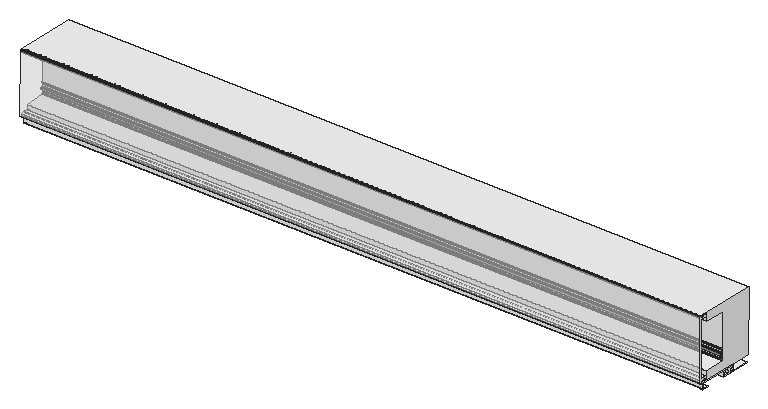
Revit family "4L-WS-D", category Lighting Fixtures, host Face, Revit 2021
Family settings
  Host = Face
  Round Connector Dimension = Use Diameter
  Part Type = Normal
  OmniClass Number = 23.80.70.11.14.17
  OmniClass Title = Direct/Indirect
  Cut with Voids When Loaded = No
  Light Source = Yes
  Shared = Yes
  Room Calculation Point = No
Parameters (values of type "4L-WS-D-4-SOF")
  Width = 4.750"  # constant formula
  Wattage = 34 W
  Warranty = "5-Years Warranty"  # constant formula
  built-in parameter 1150110 = 1 (stored number, unit not read)
  Voltage = 120 V
  Type Comments = "Lighting Fixture"  # constant formula
  built-in parameter 1114217 = 1 (stored number, unit not read)
  Tilt Angle = 90.00°
  built-in parameter 1150109 = 1 (stored number, unit not read)
  built-in parameter 1150134 = (empty or 0)
  built-in parameter 1150113 = 1 (stored number, unit not read)
  Starting Length = (Row Length / 2) * -1  # -24.000"
  Power Factor = 1
  Photometric Web File = "4L-WSx-D-4-SOF-X-CX-35K-D035.ies"
  Photometric Notes = "More IES files download on Photometric Link"  # constant formula
  Row Length = 48.000"
  Wattage Comments = "18W"
  URL = "https://www.currentlighting.com/litecontrol"
  Mounting = "Perimeter"  # constant formula
  Model = "MOD™ 4 LED Perimeter Wall/Slot® Direct"  # constant formula
  Manufacturer = "Litecontrol"  # constant formula
  built-in parameter 1150105 = 265.15 (stored number, unit not read)
  Lumens = 3332 lm
  built-in parameter 1150115 = 1 (stored number, unit not read)
  Load Classification = Lighting
  built-in parameter 1150137 = (empty or 0)
  built-in parameter 1150139 = (empty or 0)
  built-in parameter 1150112 = 1 (stored number, unit not read)
  built-in parameter 1150114 = 1 (stored number, unit not read)
  Lamp = "LED"  # constant formula
  built-in parameter 1150132 = (empty or 0)
  built-in parameter 1150102 = (empty or 0)
  built-in parameter 1150107 = 3500 (stored number, unit not read)
  built-in parameter 1150138 = (empty or 0)
  built-in parameter 1150106 = 2.6515 (stored number, unit not read)
  Height = 10.500"  # constant formula
  Glass = Paint - Textured Matte White
  Fixture Distribution = "Direct/Asymmetric Direct"  # constant formula
  Features = "Variable Intensity technology provides specifiable\r\nlumen output/wattage\r\n• End cap design eliminates visible diffuser seams/gaps\r\n• 2 SDCM color variation"  # constant formula
  Ending Length = (Row Length / 2)  # 24.000"
  Emit from Rectangle Width = Row Length - 1.000"  # 47.000"
  Emit from Rectangle Length = Width - 1.000"  # 3.750"
  Emit Shape Visible in Rendering = no
  built-in parameter 1150104 = 9.1045 (stored number, unit not read)
  Dimming Lamp Color Temperature Shift = <None>
  Description = "MOD™ 4 LED Perimeter Wall/Slot® Direct"  # constant formula
  Depth = 4.315"  # constant formula
  Default Elevation = 48.000"
  Copyright = "Copyright ©  Litecontrol"  # constant formula
  Contact Us = ""
  Color Filter = 16777215
  Circuiting = "1Circuit"  # constant formula
  Bulb = Glass - White
  built-in parameter 1114218 = 1 (stored number, unit not read)
  Housing Material = Paint - Matte White
  built-in parameter 1150133 = 10 (stored number, unit not read)
  Assembly Code = "D5020200"
  Application = "Commercial Indoor,Institutional,Retail,Education,Healthcare,Library,Office,Perimeter Lighting,Public Space"  # constant formula
  Apparent Load = 0 VA
Types (3): name | Photometric Web File
  (no name) | "4L-WSx-D-4-SOF-X-CX-35K-D035.ies"
  4L-WS-D-4-NRW | "4L-WSx-D-4-NRW-X-CX-35K-D035.ies"
  4L-WS-D-4-SOF | "4L-WSx-D-4-SOF-X-CX-35K-D035.ies"
Reference planes (in)
  plane 1 "Center (Front/Back)": y = 13.01342
  plane 2: z = 0
  plane 3 "Center (Left/Right)": x = 0
  plane 4: x = -24
  plane 5: x = 24
  plane 6: z = 4.75
  plane 7: z = 0.625
  plane 8: y = 15.17092
  plane 9: y = 10.85592
Forms (in)
  Extrusion 1, solid, material "Paint - Matte White" <- "Housing Material"
    sketch origin (0, 0, 0) x (0, 1, 0) y (0, 0, 1)
      loop
        line (15.17092, 4.75) -> (10.98862, 4.75) -> (10.98862, 4.70757) -> (11.50425, 4.70757) -> (11.50425, 4.20861) -> (12.87603, 4.14768) -> (12.87603, 1.08511) -> (11.52656, 1.02692) -> (11.50425, 0.51658) -> (11.00425, 0.51658) -> (11.00425, 0.4429) -> (15.17092, 0.4429) -> (15.17092, 4.75)
      loop
        line (10.85592, 4.70757) -> (10.85592, 0.51658) -> (10.94177, 0.51658) -> (10.94177, 0.58385) -> (11.21943, 0.66874)
        spline (11.21943, 0.66874) -> (11.26023, 0.62829) -> (11.28779, 0.60319) -> (11.30761, 0.59002) -> (11.32501, 0.58544) -> (11.34183, 0.5873) -> (11.35697, 0.59445) -> (11.36939, 0.60581) -> (11.3796, 0.621) -> (11.38928, 0.64008) -> (11.4, 0.66316) -> (11.4115, 0.6906) -> (11.422, 0.72299)
        arc (11.422, 0.72299) -> (11.40911, 0.74044) -> (11.38805, 0.73528) r 0.01957
        spline (11.38805, 0.73528) -> (11.32246, 0.67336) -> (11.29061, 0.66677) -> (11.27382, 0.68408) -> (11.2588, 0.70279) -> (11.24203, 0.71662) -> (11.22116, 0.72203) -> (11.19426, 0.71976) -> (11.15957, 0.71163) -> (11.11537, 0.69949) -> (11.06316, 0.68506) -> (11.00841, 0.66992) -> (10.95684, 0.65567)
        line (10.95684, 0.65567) -> (10.95684, 4.56848)
        spline (10.95684, 4.56848) -> (11.00841, 4.55422) -> (11.06316, 4.53909) -> (11.11537, 4.52465) -> (11.15957, 4.51251) -> (11.19426, 4.50439) -> (11.22116, 4.50212) -> (11.24203, 4.50752) -> (11.2588, 4.52136) -> (11.27382, 4.54007) -> (11.29061, 4.55737) -> (11.32246, 4.55079) -> (11.38805, 4.48886)
        arc (11.38805, 4.48886) -> (11.40911, 4.48371) -> (11.422, 4.50115) r 0.01957
        spline (11.422, 4.50115) -> (11.4115, 4.53355) -> (11.4, 4.56099) -> (11.38928, 4.58406) -> (11.3796, 4.60314) -> (11.36939, 4.61833) -> (11.35697, 4.6297) -> (11.34183, 4.63685) -> (11.32501, 4.63871) -> (11.30761, 4.63413) -> (11.28779, 4.62096) -> (11.26023, 4.59585) -> (11.21943, 4.5554)
        line (11.21943, 4.5554) -> (10.94177, 4.64029) -> (10.94177, 4.70757) -> (10.85592, 4.70757)
    from 24 <- "Ending Length" to -24 <- "Starting Length"
  Extrusion 2, solid, material "Paint - Matte White" <- "Housing Material"
    sketch origin (0, 0, 0) x (0, 1, 0) y (0, 0, 1)
      loop
        line (13.73893, 0.28651) -> (13.73893, 0.34654) -> (13.38127, 0.34654) -> (13.38127, 0.27501) -> (13.45408, 0.27501) -> (13.45408, 0.02465) -> (13.02871, 0.02465) -> (13.02871, 0.27501) -> (13.08619, 0.27501) -> (13.08619, 0.34654) -> (12.97634, 0.34654) -> (12.97634, -0.03056) -> (15.04379, -0.03056) -> (15.04379, 0.02465) -> (13.93692, 0.02465) -> (13.51539, 0.02465) -> (13.51539, 0.28651) -> (13.73893, 0.28651)
      loop
        line (13.74304, 0.18665) -> (13.57032, 0.18665) -> (13.57032, 0.13067) -> (13.73382, 0.13067)
        arc (13.73382, 0.13067) -> (13.79795, 0.15723) -> (13.82452, 0.22136) r 0.09069
        line (13.82452, 0.22136) -> (13.82452, 0.35165)
        arc (13.82452, 0.35165) -> (13.79795, 0.41578) -> (13.73382, 0.44235) r 0.09069
        line (13.73382, 0.44235) -> (11.22067, 0.44235)
        arc (11.22067, 0.44235) -> (11.16246, 0.42121) -> (11.13139, 0.36764) r 0.09069
        line (11.13139, 0.36764) -> (11.13139, 0.06165)
        arc (11.13139, 0.06165) -> (11.16246, 0.00808) -> (11.22067, -0.01306) r 0.09069
        line (11.22067, -0.01306) -> (11.61675, -0.01306) -> (11.61675, 0.04077) -> (11.21199, 0.04077)
        arc (11.21199, 0.04077) -> (11.18887, 0.05035) -> (11.17929, 0.07347) r 0.03269
        line (11.17929, 0.07347) -> (11.17929, 0.35582)
        arc (11.17929, 0.35582) -> (11.18887, 0.37894) -> (11.21199, 0.38852) r 0.03269
        line (11.21199, 0.38852) -> (13.74218, 0.38852)
        arc (13.74218, 0.38852) -> (13.76741, 0.37807) -> (13.77786, 0.35283) r 0.03568
        line (13.77786, 0.35283) -> (13.77786, 0.22147)
        arc (13.77786, 0.22147) -> (13.76766, 0.19685) -> (13.74304, 0.18665) r 0.03482
    from -24 <- "Starting Length" to 24 <- "Ending Length"
  Extrusion 3, solid, material "Glass - White" <- "Bulb"
    sketch origin (0, 0, 0) x (0, 1, 0) y (0, 0, 1)
      loop
        line (12.86642, 1.61441) -> (12.78239, 1.61441) -> (12.78239, 1.55936) -> (12.70029, 1.55936) -> (12.70029, 1.40771) -> (12.78239, 1.40771) -> (12.78239, 1.36908) -> (12.86642, 1.36908) -> (12.86642, 1.61441)
      loop
        line (12.87603, 1.68936) -> (12.87603, 1.89768) -> (12.78239, 1.90918) -> (12.78239, 1.84081) -> (12.80724, 1.81595) -> (12.80724, 1.76862) -> (12.84329, 1.76862) -> (12.84329, 1.68936) -> (12.87603, 1.68936)
      loop
        line (12.87603, 1.29413) -> (12.84329, 1.29413) -> (12.84329, 1.21487) -> (12.80724, 1.21487) -> (12.80724, 1.16754) -> (12.78239, 1.14269) -> (12.78239, 1.07432) -> (12.87603, 1.08581) -> (12.87603, 1.29413)
    from -24 <- "Starting Length" to 24 <- "Ending Length"
Dimensions and locks (in)
  "Row Length": plane 5 to plane 4
  equal spacing: plane 5, plane 3 "Center (Left/Right)", plane 4
  "Width": plane 6 to plane 2
  plane 6 to plane 2 = 4.750"
  plane 6 to host face = 4.750"
  "Depth": plane 8 to plane 9
  equal spacing: plane 8, plane 1 "Center (Front/Back)", plane 9
  aligned and locked: plane 2 to host face
  aligned and locked: level to host face
  aligned and locked: imposter light to plane 3 "Center (Left/Right)"
  aligned and locked: plane 9 to imposter light
Automatic sketch dimensions
  host sketch curve to host sketch curve = 96.000"  (x2)
  Extrusion 1 sketch curve to plane 9 = 0.000"
  Extrusion 1 sketch curve to plane 6 = 0.000"
  Extrusion 1 sketch curve to plane 8 = 0.000"
  Extrusion 1 sketch curve to plane 9 = 0.08585"
  Extrusion 1 sketch curve to Extrusion 1 sketch curve = 0.08585"
  plane 7 to Extrusion 1 sketch curve = 0.03067"
  Extrusion 1 sketch curve to Extrusion 1 sketch curve = 0.01507"
  Extrusion 1 sketch curve to Extrusion 1 sketch curve = 0.04685"
  Extrusion 1 sketch curve to Extrusion 1 sketch curve = 0.2626"  (x2)
  plane 7 to Extrusion 1 sketch curve = 0.04374"
  plane 7 to Extrusion 1 sketch curve = 0.11028"
  Extrusion 1 sketch curve to Extrusion 1 sketch curve = 0.16862"  (x2)
  Extrusion 1 sketch curve to plane 6 = 0.26114"
  Extrusion 1 sketch curve to Extrusion 1 sketch curve = 0.01441"  (x2)
  Extrusion 1 sketch curve to plane 6 = 0.24885"
  Extrusion 1 sketch curve to Extrusion 1 sketch curve = 0.01954"  (x2)
  plane 7 to Extrusion 1 sketch curve = 0.09799"
  Extrusion 1 sketch curve to Extrusion 1 sketch curve = 0.1162"
  Extrusion 1 sketch curve to plane 7 = 0.10842"
  Extrusion 1 sketch curve to Extrusion 1 sketch curve = 0.08225"
  Extrusion 1 sketch curve to Extrusion 1 sketch curve = 0.10456"
  plane 1 "Center (Front/Back)" to Extrusion 1 sketch curve = 0.13739"
  Extrusion 1 sketch curve to Extrusion 1 sketch curve = 0.07368"  (x2)
  Extrusion 1 sketch curve to plane 7 = 0.04115"
  Extrusion 1 sketch curve to Extrusion 1 sketch curve = 0.30392"
  plane 7 to Extrusion 1 sketch curve = 0.46011"
  Extrusion 1 sketch curve to plane 6 = 0.60232"
  Extrusion 1 sketch curve to Extrusion 1 sketch curve = 0.28025"
  Extrusion 1 sketch curve to Extrusion 1 sketch curve = 0.06654"
  Extrusion 1 sketch curve to plane 6 = 0.18152"
  Extrusion 1 sketch curve to Extrusion 1 sketch curve = 0.07181"
  Extrusion 1 sketch curve to plane 6 = 0.04243"  (x2)
  Extrusion 1 sketch curve to Extrusion 1 sketch curve = 0.06248"
  Extrusion 2 sketch curve to level = 0.03056"
  Extrusion 2 sketch curve to plane 9 = 0.27547"
  Extrusion 2 sketch curve to Extrusion 2 sketch curve = 0.0479"
  Extrusion 2 sketch curve to Extrusion 2 sketch curve = 0.03269"  (x2)
  Extrusion 2 sketch curve to level = 0.01306"
  Extrusion 2 sketch curve to Extrusion 2 sketch curve = 0.00868"  (x2)
  Extrusion 2 sketch curve to Extrusion 2 sketch curve = 0.39608"
  plane 1 "Center (Front/Back)" to Extrusion 2 sketch curve = 0.03708"
  Extrusion 2 sketch curve to plane 1 "Center (Front/Back)" = 0.01529"
  Extrusion 2 sketch curve to plane 1 "Center (Front/Back)" = 0.07277"
  Extrusion 2 sketch curve to Extrusion 2 sketch curve = 0.29507"
  Extrusion 2 sketch curve to Extrusion 2 sketch curve = 0.07281"
  Extrusion 2 sketch curve to Extrusion 2 sketch curve = 0.06131"
  Extrusion 2 sketch curve to Extrusion 2 sketch curve = 0.05493"
  Extrusion 2 sketch curve to Extrusion 2 sketch curve = 0.21843"
  Extrusion 2 sketch curve to Extrusion 2 sketch curve = 0.000"  (x3)
  Extrusion 2 sketch curve to Extrusion 2 sketch curve = 0.00511"  (x2)
  Extrusion 2 sketch curve to Extrusion 2 sketch curve = 0.00325"
  Extrusion 2 sketch curve to Extrusion 2 sketch curve = 0.00922"
  Extrusion 2 sketch curve to Extrusion 2 sketch curve = 0.03568"
  Extrusion 2 sketch curve to Extrusion 2 sketch curve = 0.04665"
  level to Extrusion 2 sketch curve = 0.02465"  (x2)
  Extrusion 2 sketch curve to Extrusion 2 sketch curve = 0.11241"
  plane 8 to Extrusion 2 sketch curve = 0.12713"
  level to Extrusion 2 sketch curve = 0.04077"
  Extrusion 2 sketch curve to Extrusion 2 sketch curve = 0.01181"
  level to Extrusion 2 sketch curve = 0.13067"
  Extrusion 2 sketch curve to Extrusion 2 sketch curve = 0.05598"
  Extrusion 2 sketch curve to Extrusion 2 sketch curve = 0.25037"
  Extrusion 2 sketch curve to Extrusion 2 sketch curve = 0.08836"
  Extrusion 2 sketch curve to Extrusion 2 sketch curve = 0.0115"
  Extrusion 2 sketch curve to Extrusion 2 sketch curve = 0.07153"  (x2)
  Extrusion 2 sketch curve to Extrusion 2 sketch curve = 0.09069"
  Extrusion 2 sketch curve to Extrusion 2 sketch curve = 0.00629"
  plane 1 "Center (Front/Back)" to Extrusion 3 sketch curve = 0.31313"
  Extrusion 3 sketch curve to Extrusion 3 sketch curve = 0.0821"  (x2)
  Extrusion 3 sketch curve to Extrusion 3 sketch curve = 0.000"  (x2)
  Extrusion 3 sketch curve to Extrusion 3 sketch curve = 0.02486"  (x4)
  Extrusion 3 sketch curve to Extrusion 3 sketch curve = 0.03604"  (x2)
  Extrusion 3 sketch curve to Extrusion 3 sketch curve = 0.02313"
  Extrusion 3 sketch curve to Extrusion 3 sketch curve = 0.09364"  (x2)
  plane 7 to Extrusion 3 sketch curve = 0.44932"
  Extrusion 3 sketch curve to Extrusion 3 sketch curve = 0.0115"
  Extrusion 3 sketch curve to Extrusion 3 sketch curve = 0.06837"  (x2)
  Extrusion 3 sketch curve to Extrusion 3 sketch curve = 0.04733"  (x2)
  Extrusion 3 sketch curve to Extrusion 3 sketch curve = 0.07926"  (x2)
  Extrusion 3 sketch curve to Extrusion 3 sketch curve = 0.07495"  (x2)
  Extrusion 3 sketch curve to Extrusion 3 sketch curve = 0.03864"
  Extrusion 3 sketch curve to Extrusion 3 sketch curve = 0.15164"
  Extrusion 3 sketch curve to Extrusion 3 sketch curve = 0.05506"
  Extrusion 3 sketch curve to Extrusion 3 sketch curve = 0.08173"
Connectors (in)
  electrical at (0, 13.07977, 4.75)
    settings: on Extrusion 1, index 1, voltage 120 V, apparent load 0 VA, apparent load phase1 0 VA, apparent load phase2 0 VA, apparent load phase3 0 VA, power factor 1, load classification "Other", number of poles 1, system type 30, power factor state 1, is connector primary yes, connector utility no, sub classification motor no, connector description "Lighting Connector"
